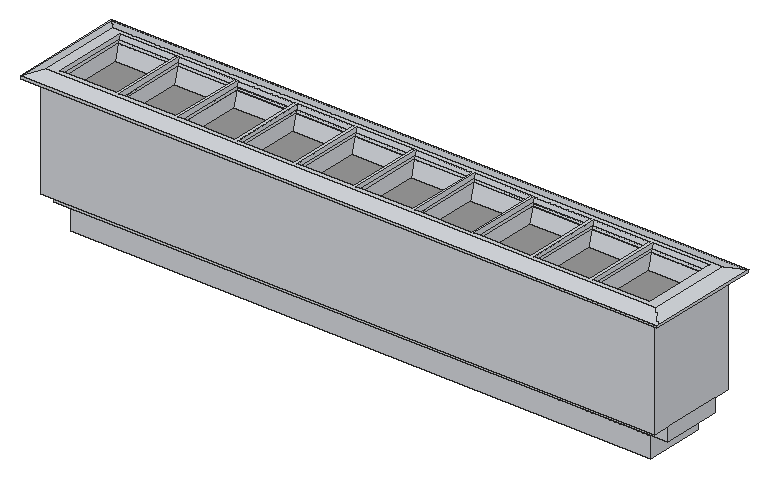
Revit family "2061446 Sylvania Lighting Fixture DOMINO 10xLED 930 BLACK NB TRIM WHITE DALI", category Lighting Fixtures, host Face, Revit 2018
Family settings
  Host = Face
  Round Connector Dimension = Use Diameter
  Part Type = Normal
  OmniClass Number = 23.80.70.00
  OmniClass Title = Lighting
  Cut with Voids When Loaded = No
  Light Source = Yes
  Shared = No
  Room Calculation Point = No
Parameters (values of type "2061446 DOMINO 10XLED 930 BLACK NB TR WHT DALI")
  top top width = 15.812 mm
  top top length = 255 mm
  Width = 50 mm
  Weight = "n/a"
  Wattage Comments = ""
  Wattage = 9.2903 W
  WarrantyStartDate [instance] = "n/a"
  WarrantyGuarantorParts = "n/a"
  WarrantyDurationUnit = "n/a"
  WarrantyDurationParts = ""
  WarrantyDescription = "http://www.sylvania-lighting.com"
  built-in parameter 1150110 = 1 (stored number, unit not read)
  Voltage = 0 V
  URL = "0.96"
  TypeName = "DOMINO 10xLED 930 BLACK NB TRIM WHITE DALI"
  Type Image = <None>
  Type Comments = "n/a"
  built-in parameter 1114217 = 1 (stored number, unit not read)
  Top Width = 26 mm
  Tilt Angle = 90.00°
  built-in parameter 1150109 = 1 (stored number, unit not read)
  built-in parameter 1150134 = 3
  built-in parameter 1150113 = 1 (stored number, unit not read)
  SerialNumber [instance] = "n/a"
  Recessed Width = 43 mm
  Recessed Length = 276 mm
  Photometric Web File = "2061446.ies"
  Material_3_FEILO = none
  PowerFactor = 0
  PowerConsumption = "Lighting"
  NominalLength = 50 mm
  NominalHeight = 0 mm
  NominalDepth = 0 mm
  Name = "DOMINO 10xLED 930 BLACK NB TRIM WHITE DALI"
  ModelReference = Name  # "DOMINO 10xLED 930 BLACK NB TRIM WHITE DALI"
  ModelNumber = "2061446"
  Model = Name  # "DOMINO 10xLED 930 BLACK NB TRIM WHITE DALI"
  Material = "Feilo Sylvania"
  ManufacturerName = "69 lm/W"
  Manufacturer = ""
  LuminousEfficacy = ""
  built-in parameter 1150105 = 109.82 (stored number, unit not read)
  Lumens = 1380 lm
  LuminaireType = "0"
  built-in parameter 1150115 = 1 (stored number, unit not read)
  LightOutputRatio = "LED"
  built-in parameter 1150137 = (empty or 0)
  built-in parameter 1150139 = (empty or 0)
  Lens inside recess = 25 mm
  Lens Width = 32 mm
  Lens Outside recess = 31.978 mm
  Lens = Glass, White, High Luminance
  Length = 280 mm
  LampsType = Lamp  # "n/a"
  LampNominalLuminous = "3000 K"
  LampMacAdamStep = "90"
  LampColourTemperature = "LED"
  LampColourRenderingIndex = "16500"
  built-in parameter 1150112 = 1 (stored number, unit not read)
  built-in parameter 1150114 = 1 (stored number, unit not read)
  Lamp = "n/a"
  Keynote = "n/a"
  InstallationDate [instance] = "n/a"
  InputVoltage = "0"
  InputNominalFrequency = "3000"
  built-in parameter 1150132 = (empty or 0)
  built-in parameter 1150102 = (empty or 0)
  built-in parameter 1150107 = 3200 (stored number, unit not read)
  built-in parameter 1150138 = (empty or 0)
  IngressProtection = "IfcLightFixtureType"
  ImpactProtectionIndex = "IfcLightFixtureType"
  built-in parameter 1150106 = 1.0982 (stored number, unit not read)
  IfcExportType = "IfcLightFixtureType"
  IfcExportAs = "Class II"
  Facia internal width = 37 mm
  Facia internal length = 268 mm
  Facia Height = 2 mm
  ExpectedLife = 50000
  Emit from Circle Diameter = 609.6 mm
  Emit Shape Visible in Rendering = no
  ElectricShockClassification = "69"
  built-in parameter 1150104 = 13.8 (stored number, unit not read)
  DurationUnit = "hours"
  DocumentationLiterature = "http://www.sylvania-lighting.com/product/en-int/products/2061446"
  DimmingControlOptions = "n/a"
  Material_2_FEILO = none
  Dimming Lamp Color Temperature Shift = <None>
  Description = "Modular LED recessed linear spotlight, ideal for retail and hospitality applications. Die-cast aluminium body, passive cooling. Two levels of reflector installation, low glaring UGR<16. 10x LED source, 15° beam angle , optics: PMMA lens and polycarbonate reflector combination, Black matt reflector finish. Light color temperature: 3000K warm white, total system power: 23W , total fixture lumen output: 1575lm, efficacy: 69 lm/W, Ra90 typical, LED chromacity: 3 step MacAdam ellipse (SDCM3), lifespan: 96,000 hours at 90% of the original output (L90B10), IR/UV free light source without heat radiation, operating voltage: 220-240V / 50-60Hz, electronic driver, ultra low flicker, DALI , electrical protection: Class II. Degree of Protection: IP40/IP20, suitable for indoor environment only. Ceiling cut-out: 43x43mm, outer dimensions:  280x50mm trim frame RAL 9016 - Traffic white / Bezel color.5 years Warranty."
  Default Elevation = 1219.2 mm
  CreatedOn = "11/02/2021"
  CreatedBy = "@sylvania-lighting.com"
  Cost = 0
  Color Filter = 16777215
  built-in parameter 1114216 [instance] = (empty or 0)
  ClassificationValue = "EF_70_80"
  ClassificationName = "Uniclass2015"
  Material_1_FEILO = none
  Body Width = 40 mm
  Body Length = 270 mm
  BarCode [instance] = "n/a"
  built-in parameter 1114218 = 1 (stored number, unit not read)
  built-in parameter 1150133 = 10 (stored number, unit not read)
  AssetType = "Fixed"
  AssetIdentifier [instance] = "n/a"
  Assembly Code = "D5020200"
  Apparent Load = 23 VA
  Material_4_FEILO = none
Reference planes
  plane 1 "Center (Front/Back)": y = 0
  plane 2: z = 0
  plane 3 "Center (Left/Right)": x = 0
  plane 4: z = 0
  plane 5: z = -7
  plane 6: z = -45.895
  plane 7: z = -51.895
  plane 8: z = -60.895
  plane 9: x = -138
  plane 10: x = 138
  plane 11: y = 21.5
  plane 12: y = -21.5
  plane 13: x = -140
  plane 14: x = 140
  plane 15: y = 25
  plane 16: y = -25
  plane 17: x = 134
  plane 18: x = -134
  plane 19: y = 18.5
  plane 20: y = -18.5
  plane 21: z = 2
  plane 22: x = -135
  plane 23: x = 135
  plane 24: y = 20
  plane 25: y = -20
  plane 26: y = 13
  plane 27: y = -13
  plane 28: x = 127.5
  plane 29: x = -127.5
  plane 30: x = -132
  plane 31: y = 16.5
  plane 32: y = -16.472
  plane 33: y = 13
  plane 34: y = -12.972
  plane 35: x = 129.7
  plane 36: x = 127.224
Forms (mm)
  Extrusion 1, solid, not visible, detail levels medium+fine
    sketch origin (4.2, 0, 0) x (1, 0, 0) y (0, 1, 0)
      loop
        line (-29.2, 34.5) -> (-29.2, -34.5) -> (20.8, -34.5) -> (20.8, 34.5) -> (-29.2, 34.5)
    from 0 to 1
  Extrusion 2, solid, not visible, detail levels medium+fine
    sketch origin (4.044, 0, 0) x (1, 0, 0) y (0, 1, 0)
      loop
        line (-29.2, 34.5) -> (-29.2, -34.5) -> (20.8, -34.5) -> (20.8, 34.5) -> (-29.2, 34.5)
    from 0 to 1
  Blend 3, solid, not visible, detail levels medium+fine
    base sketch origin (4.2, 0, 0) x (1, 0, 0) y (0, 1, 0)
      loop
        line (-29.2, 34.5) -> (-29.2, -34.5) -> (20.8, -34.5) -> (20.8, 34.5) -> (-29.2, 34.5)
    top sketch origin (4.2, 0, 0) x (1, 0, 0) y (0, 1, 0)
      loop
        line (-21.7, 28) -> (-21.7, -28) -> (13.3, -28) -> (13.3, 28) -> (-21.7, 28)
    from 1 to 3
  Extrusion 4, solid, not visible, detail levels medium+fine
    sketch origin (3.419, 0, 0) x (1, 0, 0) y (0, 1, 0)
      loop
        line (-29.2, 34.5) -> (-29.2, -34.5) -> (20.8, -34.5) -> (20.8, 34.5) -> (-29.2, 34.5)
    from 0 to 1
  Blend 5, solid, not visible, detail levels medium+fine
    base sketch origin (3.575, 0, 0) x (1, 0, 0) y (0, 1, 0)
      loop
        line (-29.2, 34.5) -> (-29.2, -34.5) -> (20.8, -34.5) -> (20.8, 34.5) -> (-29.2, 34.5)
    top sketch origin (3.575, 0, 0) x (1, 0, 0) y (0, 1, 0)
      loop
        line (-21.7, 28) -> (-21.7, -28) -> (13.3, -28) -> (13.3, 28) -> (-21.7, 28)
    from 1 to 3
  Extrusion 6, solid, not visible, detail levels medium+fine
    sketch origin (4.247, 0, 0) x (1, 0, 0) y (0, 1, 0)
      loop
        line (-29.2, 34.5) -> (-29.2, -34.5) -> (20.8, -34.5) -> (20.8, 34.5) -> (-29.2, 34.5)
    from 0 to 1
  Blend 7, solid, not visible, detail levels medium+fine
    base sketch origin (4.403, 0, 0) x (1, 0, 0) y (0, 1, 0)
      loop
        line (-29.2, 34.5) -> (-29.2, -34.5) -> (20.8, -34.5) -> (20.8, 34.5) -> (-29.2, 34.5)
    top sketch origin (4.403, 0, 0) x (1, 0, 0) y (0, 1, 0)
      loop
        line (-21.7, 28) -> (-21.7, -28) -> (13.3, -28) -> (13.3, 28) -> (-21.7, 28)
    from 1 to 3
  Extrusion 8, void, detail levels medium+fine
    sketch origin (4.2, 0, 0) x (0, 1, 0) y (1, 0, 0)
      loop
        line (21.5, -142.2) -> (21.5, 133.8) -> (-21.5, 133.8) -> (-21.5, -142.2) -> (21.5, -142.2)
    from -9.934 to 83.097
  Extrusion 9, solid, detail levels medium+fine
    sketch origin (4.2, 0, 0) x (1, 0, 0) y (0, 1, 0)
      loop
        line (-144.2, 25) -> (-144.2, -25) -> (135.8, -25) -> (135.8, 25) -> (-144.2, 25)
    from 0 to 1
  Extrusion 10, solid, detail levels medium+fine
    sketch origin (4.2, 0, 0) x (1, 0, 0) y (0, 1, 0)
      loop
        line (-139.2, 20) -> (-139.2, -20) -> (130.8, -20) -> (130.8, 20) -> (-139.2, 20)
    from 0 to -45.895
  Extrusion 11, solid, detail levels medium+fine
    sketch origin (4.2, 0, 0) x (1, 0, 0) y (0, 1, 0)
      loop
        line (-139.2, 13) -> (-139.2, -13) -> (130.8, -13) -> (130.8, 13) -> (-139.2, 13)
    from -51.895 to -45.895
  Extrusion 12, solid, material "Glass, White, High Luminance" <- "Lens", detail levels fine
    sketch origin (-53.155, 1221.106, 36.156) x (1, 0, 0) y (0, 1, 0)
      loop
        line (-76.18, -1206.856) -> (-76.18, -1232.856) -> (-52.18, -1232.856) -> (-52.18, -1206.856) -> (-76.18, -1206.856)
    from -43.156 to -42.182
  Blend 13, solid, detail levels medium+fine
    base sketch origin (4.2, 0, 0) x (1, 0, 0) y (0, 1, 0)
      loop
        line (-144.2, 25) -> (-144.2, -25) -> (135.8, -25) -> (135.8, 25) -> (-144.2, 25)
    top sketch origin (4.2, 0, 0) x (1, 0, 0) y (0, 1, 0)
      loop
        line (-138.2, 18.5) -> (-138.2, -18.5) -> (129.8, -18.5) -> (129.8, 18.5) -> (-138.2, 18.5)
    from 1 to 3
  Extrusion 14, solid, detail levels fine
    sketch origin (0, 0, 0) x (1, 0, 0) y (0, 0, 1)
      loop
        line (-127.5, -51.895) -> (-127.5, -60.895) -> (127.5, -60.895) -> (127.5, -51.895) -> (-127.5, -51.895)
    from -13 to 13
  Blend 15, void
    base sketch origin (-59.8, 0, 0) x (0, 1, 0) y (-1, 0, 0)
      loop
        line (16.5, 69.7) -> (-16.472, 69.7) -> (-16.472, 44.7) -> (16.5, 44.7) -> (16.5, 69.7)
    top sketch origin (-59.8, 0, 0) x (0, 1, 0) y (-1, 0, 0)
      loop
        line (13, 69.2) -> (-12.972, 69.2) -> (-12.972, 45.2) -> (13, 45.2) -> (13, 69.2)
    from 3 to -7
  Blend 16, void
    base sketch origin (18.282, 0, 0) x (0, 1, 0) y (-1, 0, 0)
      loop
        line (16.5, 69.7) -> (-16.472, 69.7) -> (-16.472, 44.7) -> (16.5, 44.7) -> (16.5, 69.7)
    top sketch origin (18.282, 0, 0) x (0, 1, 0) y (-1, 0, 0)
      loop
        line (13, 69.2) -> (-12.972, 69.2) -> (-12.972, 45.2) -> (13, 45.2) -> (13, 69.2)
    from 3 to -7
  Blend 17, void
    base sketch origin (44.284, -0.017, 0) x (0, 1, 0) y (-1, 0, 0)
      loop
        line (16.5, 69.7) -> (-16.472, 69.7) -> (-16.472, 44.7) -> (16.5, 44.7) -> (16.5, 69.7)
    top sketch origin (44.284, -0.017, 0) x (0, 1, 0) y (-1, 0, 0)
      loop
        line (13, 69.2) -> (-12.972, 69.2) -> (-12.972, 45.2) -> (13, 45.2) -> (13, 69.2)
    from 3 to -7
  Blend 18, void
    base sketch origin (70.327, 0, 0) x (0, 1, 0) y (-1, 0, 0)
      loop
        line (16.5, 69.7) -> (-16.472, 69.7) -> (-16.472, 44.7) -> (16.5, 44.7) -> (16.5, 69.7)
    top sketch origin (70.327, 0, 0) x (0, 1, 0) y (-1, 0, 0)
      loop
        line (13, 69.2) -> (-12.972, 69.2) -> (-12.972, 45.2) -> (13, 45.2) -> (13, 69.2)
    from 3 to -7
  Blend 19, void
    base sketch origin (96.351, 0, 0) x (0, 1, 0) y (-1, 0, 0)
      loop
        line (16.5, 69.7) -> (-16.472, 69.7) -> (-16.472, 44.7) -> (16.5, 44.7) -> (16.5, 69.7)
    top sketch origin (96.351, 0, 0) x (0, 1, 0) y (-1, 0, 0)
      loop
        line (13, 69.2) -> (-12.972, 69.2) -> (-12.972, 45.2) -> (13, 45.2) -> (13, 69.2)
    from 3 to -7
  Extrusion 20, solid, material "Glass, White, High Luminance" <- "Lens", detail levels fine
    sketch origin (-29.269, 1219.946, 36.156) x (1, 0, 0) y (0, 1, 0)
      loop
        line (-73.723, -1206.946) -> (-73.723, -1232.946) -> (-49.723, -1232.946) -> (-49.723, -1206.946) -> (-73.723, -1206.946)
    from -43.156 to -42.182
  Extrusion 21, solid, material "Glass, White, High Luminance" <- "Lens", detail levels fine
    sketch origin (-0.613, 1219.733, 36.156) x (1, 0, 0) y (0, 1, 0)
      loop
        line (-76.347, -1206.7) -> (-76.347, -1232.733) -> (-52.347, -1232.733) -> (-52.347, -1206.7) -> (-76.347, -1206.7)
    from -43.156 to -42.182
  Extrusion 22, solid, material "Glass, White, High Luminance" <- "Lens", detail levels fine
    sketch origin (24.387, 1218.509, 36.156) x (1, 0, 0) y (0, 1, 0)
      loop
        line (-75.305, -1205.509) -> (-75.305, -1231.509) -> (-51.305, -1231.509) -> (-51.305, -1205.509) -> (-75.305, -1205.509)
    from -43.156 to -42.182
  Extrusion 23, solid, material "Glass, White, High Luminance" <- "Lens", detail levels fine
    sketch origin (51.187, 1219.547, 36.156) x (1, 0, 0) y (0, 1, 0)
      loop
        line (-76.102, -1206.547) -> (-76.102, -1232.547) -> (-52.102, -1232.547) -> (-52.102, -1206.547) -> (-76.102, -1206.547)
    from -43.156 to -42.182
  Blend 24, void
    base sketch origin (-33.792, 0, 0) x (0, 1, 0) y (-1, 0, 0)
      loop
        line (16.5, 69.7) -> (-16.472, 69.7) -> (-16.472, 44.7) -> (16.5, 44.7) -> (16.5, 69.7)
    top sketch origin (-33.792, 0, 0) x (0, 1, 0) y (-1, 0, 0)
      loop
        line (13, 69.2) -> (-12.972, 69.2) -> (-12.972, 45.2) -> (13, 45.2) -> (13, 69.2)
    from 3 to -7
  Blend 25, void
    base sketch origin (-7.76, 0, 0) x (0, 1, 0) y (-1, 0, 0)
      loop
        line (16.5, 69.7) -> (-16.472, 69.7) -> (-16.472, 44.7) -> (16.5, 44.7) -> (16.5, 69.7)
    top sketch origin (-7.76, 0, 0) x (0, 1, 0) y (-1, 0, 0)
      loop
        line (13, 69.2) -> (-12.972, 69.2) -> (-12.972, 45.2) -> (13, 45.2) -> (13, 69.2)
    from 3 to -7
  Blend 26, void
    base sketch origin (122.411, 0, 0) x (0, 1, 0) y (-1, 0, 0)
      loop
        line (16.5, 69.7) -> (-16.472, 69.7) -> (-16.472, 44.7) -> (16.5, 44.7) -> (16.5, 69.7)
    top sketch origin (122.411, 0, 0) x (0, 1, 0) y (-1, 0, 0)
      loop
        line (13, 69.2) -> (-12.972, 69.2) -> (-12.972, 45.2) -> (13, 45.2) -> (13, 69.2)
    from 3 to -7
  Extrusion 27, solid, material "Glass, White, High Luminance" <- "Lens", detail levels fine
    sketch origin (77.265, 1219.547, 36.156) x (1, 0, 0) y (0, 1, 0)
      loop
        line (-76.102, -1206.547) -> (-76.102, -1232.547) -> (-52.102, -1232.547) -> (-52.102, -1206.547) -> (-76.102, -1206.547)
    from -43.156 to -42.182
  Extrusion 28, solid, material "Glass, White, High Luminance" <- "Lens", detail levels fine
    sketch origin (100.753, 1219.547, 36.156) x (1, 0, 0) y (0, 1, 0)
      loop
        line (-76.102, -1206.547) -> (-76.102, -1232.547) -> (-52.102, -1232.547) -> (-52.102, -1206.547) -> (-76.102, -1206.547)
    from -43.156 to -42.182
  Extrusion 29, solid, material "Glass, White, High Luminance" <- "Lens", detail levels fine
    sketch origin (129.314, 1219.547, 36.156) x (1, 0, 0) y (0, 1, 0)
      loop
        line (-76.102, -1206.547) -> (-76.102, -1232.547) -> (-52.102, -1232.547) -> (-52.102, -1206.547) -> (-76.102, -1206.547)
    from -43.156 to -42.182
  Blend 30, void
    base sketch origin (148.416, 0, 0) x (0, 1, 0) y (-1, 0, 0)
      loop
        line (16.5, 69.7) -> (-16.472, 69.7) -> (-16.472, 44.7) -> (16.5, 44.7) -> (16.5, 69.7)
    top sketch origin (148.416, 0, 0) x (0, 1, 0) y (-1, 0, 0)
      loop
        line (13, 69.2) -> (-12.972, 69.2) -> (-12.972, 45.2) -> (13, 45.2) -> (13, 69.2)
    from 3 to -7
  Extrusion 31, solid, material "Glass, White, High Luminance" <- "Lens", detail levels fine
    sketch origin (155.278, 1219.547, 36.156) x (1, 0, 0) y (0, 1, 0)
      loop
        line (-76.102, -1206.547) -> (-76.102, -1232.547) -> (-52.102, -1232.547) -> (-52.102, -1206.547) -> (-76.102, -1206.547)
    from -43.156 to -42.182
  Blend 32, void
    base sketch origin (174.42, 0, 0) x (0, 1, 0) y (-1, 0, 0)
      loop
        line (16.5, 69.7) -> (-16.472, 69.7) -> (-16.472, 44.7) -> (16.5, 44.7) -> (16.5, 69.7)
    top sketch origin (174.42, 0, 0) x (0, 1, 0) y (-1, 0, 0)
      loop
        line (13, 69.2) -> (-12.972, 69.2) -> (-12.972, 45.2) -> (13, 45.2) -> (13, 69.2)
    from 3 to -7
  Extrusion 33, solid, material "Glass, White, High Luminance" <- "Lens", detail levels fine
    sketch origin (181.434, 1219.547, 36.156) x (1, 0, 0) y (0, 1, 0)
      loop
        line (-76.214, -1206.547) -> (-76.214, -1232.547) -> (-52.214, -1232.547) -> (-52.214, -1206.547) -> (-76.214, -1206.547)
    from -43.156 to -42.182
  Extrusion 34, solid, detail levels coarse
    sketch origin (4.2, 0, 0) x (1, 0, 0) y (0, 1, 0)
      loop
        line (-144.2, 25) -> (-144.2, -25) -> (135.8, -25) -> (135.8, 25) -> (-144.2, 25)
    from -60.895 to 3
Cuts and joins
  Blend 15, Blend 16, Blend 17, Blend 18, Blend 19, Blend 24, Blend 25, Blend 26, Blend 30, Blend 32 cuts Extrusion 9
  Blend 15, Blend 16, Blend 17, Blend 18, Blend 19, Blend 24, Blend 25, Blend 26, Blend 30, Blend 32 cuts Extrusion 10
  Blend 15, Blend 16, Blend 17, Blend 18, Blend 19, Blend 24, Blend 25, Blend 26, Blend 30, Blend 32 cuts Blend 13
  Blend 32 cuts Extrusion 31
Dimensions and locks
  "Recessed Length": plane 9 to plane 10
  equal spacing: plane 9, plane 3 "Center (Left/Right)", plane 10
  "Length": plane 13 to plane 14
  equal spacing: plane 13, plane 3 "Center (Left/Right)", plane 14
  "Recessed Width": plane 11 to plane 12
  equal spacing: plane 11, plane 1 "Center (Front/Back)", plane 12
  "Width": plane 15 to plane 16
  equal spacing: plane 15, plane 1 "Center (Front/Back)", plane 16
  "Facia internal length": plane 18 to plane 17
  equal spacing: plane 18, plane 3 "Center (Left/Right)", plane 17
  "Facia internal width": plane 19 to plane 20
  equal spacing: plane 19, plane 1 "Center (Front/Back)", plane 20
  "Facia Height": plane 21 to host face
  "Body Length": plane 22 to plane 23
  equal spacing: plane 22, plane 3 "Center (Left/Right)", plane 23
  "Body Width": plane 24 to plane 25
  equal spacing: plane 24, plane 1 "Center (Front/Back)", plane 25
  "Top Width": plane 26 to plane 27
  equal spacing: plane 26, plane 1 "Center (Front/Back)", plane 27
  "top top length": plane 29 to plane 28
  equal spacing: plane 29, plane 3 "Center (Left/Right)", plane 28  (x2)
  plane 28 to plane 29 = 255 mm
  equal spacing: plane 28, plane 3 "Center (Left/Right)", plane 29
  aligned and locked: plane 2 to host face
  aligned and locked: level to host face
  aligned and locked: Extrusion 11 to plane 7
  aligned and locked: Extrusion 10 to plane 6
  aligned and locked: Extrusion 12 to plane 5
Automatic sketch dimensions
  Extrusion 1 sketch curve to Extrusion 1 sketch curve = 50 mm
  Extrusion 1 sketch curve to Extrusion 1 sketch curve = 69 mm
  Extrusion 2 sketch curve to Extrusion 2 sketch curve = 50 mm
  Extrusion 2 sketch curve to Extrusion 2 sketch curve = 69 mm
  Blend 3 sketch curve to Blend 3 sketch curve = 50 mm
  Blend 3 sketch curve to Blend 3 sketch curve = 69 mm
  Blend 3 sketch curve to Blend 3 sketch curve = 35 mm
  Blend 3 sketch curve to Blend 3 sketch curve = 56 mm
  Extrusion 4 sketch curve to Extrusion 4 sketch curve = 50 mm
  Extrusion 4 sketch curve to Extrusion 4 sketch curve = 69 mm
  Blend 5 sketch curve to Blend 5 sketch curve = 50 mm
  Blend 5 sketch curve to Blend 5 sketch curve = 69 mm
  Blend 5 sketch curve to Blend 5 sketch curve = 35 mm
  Blend 5 sketch curve to Blend 5 sketch curve = 56 mm
  Extrusion 6 sketch curve to Extrusion 6 sketch curve = 50 mm
  Extrusion 6 sketch curve to Extrusion 6 sketch curve = 69 mm
  Blend 7 sketch curve to Blend 7 sketch curve = 50 mm
  Blend 7 sketch curve to Blend 7 sketch curve = 69 mm
  Blend 7 sketch curve to Blend 7 sketch curve = 35 mm
  Blend 7 sketch curve to Blend 7 sketch curve = 56 mm
  host sketch curve to host sketch curve = 2438.4 mm  (x2)
  Extrusion 8 sketch curve to plane 9 = 0 mm
  Extrusion 8 sketch curve to plane 12 = 0 mm
  Extrusion 8 sketch curve to plane 11 = 0 mm
  Extrusion 8 sketch curve to plane 10 = 0 mm
  Extrusion 9 sketch curve to plane 13 = 0 mm
  Extrusion 9 sketch curve to plane 14 = 0 mm
  Extrusion 9 sketch curve to plane 16 = 0 mm
  Extrusion 9 sketch curve to plane 15 = 0 mm
  Extrusion 10 sketch curve to plane 22 = 0 mm
  Extrusion 10 sketch curve to plane 23 = 0 mm
  Extrusion 10 sketch curve to plane 25 = 0 mm
  Extrusion 10 sketch curve to plane 24 = 0 mm
  Extrusion 11 sketch curve to plane 22 = 0 mm
  Extrusion 11 sketch curve to plane 23 = 0 mm
  Extrusion 11 sketch curve to plane 27 = 0 mm
  plane 26 to Extrusion 11 sketch curve = 0 mm
  plane 27 to Extrusion 12 sketch curve = 1.25 mm
  plane 26 to Extrusion 12 sketch curve = 1.25 mm
  plane 30 to Extrusion 12 sketch curve = 2.665 mm
  Blend 13 sketch curve to plane 13 = 0 mm
  Blend 13 sketch curve to plane 14 = 0 mm
  Blend 13 sketch curve to plane 16 = 0 mm
  Blend 13 sketch curve to plane 15 = 0 mm
  Blend 13 sketch curve to plane 18 = 0 mm
  Blend 13 sketch curve to plane 17 = 0 mm
  Blend 13 sketch curve to plane 20 = 0 mm
  Blend 13 sketch curve to plane 19 = 0 mm
  Extrusion 14 sketch curve to plane 8 = 0 mm
  Extrusion 14 sketch curve to plane 29 = 0 mm
  Extrusion 14 sketch curve to plane 28 = 0 mm
  Extrusion 14 sketch curve to plane 7 = 0 mm
  plane 30 to Blend 15 sketch curve = 2.5 mm
  Blend 15 sketch curve to plane 32 = 0 mm
  Blend 15 sketch curve to plane 31 = 0 mm
  Blend 15 sketch curve to plane 34 = 0 mm
  Blend 15 sketch curve to plane 26 = 0 mm
  plane 30 to Blend 15 sketch curve = 3 mm
  Blend 16 sketch curve to plane 32 = 0 mm
  Blend 16 sketch curve to plane 31 = 0 mm
  Blend 16 sketch curve to plane 34 = 0 mm
  Blend 16 sketch curve to plane 26 = 0 mm
  Blend 17 sketch curve to plane 32 = 0.017 mm
  Blend 17 sketch curve to plane 31 = 0.017 mm
  plane 27 to Blend 17 sketch curve = 0.011 mm
  Blend 17 sketch curve to plane 26 = 0.017 mm
  plane 32 to Blend 18 sketch curve = 0 mm
  plane 31 to Blend 18 sketch curve = 0 mm
  plane 34 to Blend 18 sketch curve = 0 mm
  plane 26 to Blend 18 sketch curve = 0 mm
  Blend 19 sketch curve to plane 32 = 0 mm
  Blend 19 sketch curve to plane 31 = 0 mm
  Blend 19 sketch curve to plane 34 = 0 mm
  Blend 19 sketch curve to plane 26 = 0 mm
  Extrusion 20 sketch curve to plane 27 = 0 mm
  Extrusion 20 sketch curve to plane 26 = 0 mm
  Extrusion 21 sketch curve to plane 27 = 0 mm
  plane 26 to Extrusion 21 sketch curve = 0.033 mm
  Extrusion 22 sketch curve to plane 27 = 0 mm
  Extrusion 22 sketch curve to plane 26 = 0 mm
  Extrusion 23 sketch curve to plane 27 = 0 mm
  Extrusion 23 sketch curve to plane 26 = 0 mm
  Blend 24 sketch curve to plane 32 = 0 mm
  Blend 24 sketch curve to plane 31 = 0 mm
  Blend 24 sketch curve to plane 34 = 0 mm
  Blend 24 sketch curve to plane 26 = 0 mm
  Blend 25 sketch curve to plane 32 = 0 mm
  Blend 25 sketch curve to plane 31 = 0 mm
  Blend 25 sketch curve to plane 34 = 0 mm
  Blend 25 sketch curve to plane 26 = 0 mm
  Blend 26 sketch curve to plane 32 = 0 mm
  Blend 26 sketch curve to plane 31 = 0 mm
  Blend 26 sketch curve to plane 34 = 0 mm
  Blend 26 sketch curve to plane 26 = 0 mm
  Extrusion 27 sketch curve to plane 27 = 0 mm
  Extrusion 27 sketch curve to plane 26 = 0 mm
  Extrusion 28 sketch curve to plane 27 = 0 mm
  Extrusion 28 sketch curve to plane 26 = 0 mm
  Extrusion 29 sketch curve to plane 27 = 0 mm
  Extrusion 29 sketch curve to plane 26 = 0 mm
  Blend 30 sketch curve to plane 32 = 0 mm
  Blend 30 sketch curve to plane 31 = 0 mm
  Blend 30 sketch curve to plane 34 = 0 mm
  Blend 30 sketch curve to plane 26 = 0 mm
  Extrusion 31 sketch curve to plane 27 = 0 mm
  Extrusion 31 sketch curve to plane 26 = 0 mm
  Blend 32 sketch curve to plane 32 = 0 mm
  Blend 32 sketch curve to plane 31 = 0 mm
  plane 28 to Blend 32 sketch curve = 2.22 mm
  Blend 32 sketch curve to plane 34 = 0 mm
  Blend 32 sketch curve to plane 26 = 0 mm
  plane 28 to Blend 32 sketch curve = 1.72 mm
  plane 27 to Extrusion 33 sketch curve = 0 mm
  plane 26 to Extrusion 33 sketch curve = 0 mm
  plane 28 to Extrusion 33 sketch curve = 1.72 mm
  Extrusion 21 sketch curve to Extrusion 21 sketch curve = 24 mm
  Blend 25 sketch curve to Blend 25 sketch curve = 24 mm
  plane 29 to Extrusion 12 sketch curve = 22.165 mm
  plane 29 to Blend 15 sketch curve = 23 mm
  plane 29 to Blend 15 sketch curve = 22.5 mm
  plane 29 to Extrusion 20 sketch curve = 24.508 mm
  Extrusion 20 sketch curve to Extrusion 20 sketch curve = 24 mm
  plane 29 to Blend 24 sketch curve = 49.008 mm
  plane 29 to Blend 24 sketch curve = 24.008 mm
  plane 29 to Blend 24 sketch curve = 48.508 mm
  Blend 24 sketch curve to Blend 24 sketch curve = 24 mm
  Blend 25 sketch curve to Blend 25 sketch curve = 25 mm
  Blend 16 sketch curve to Blend 16 sketch curve = 25 mm
  Blend 16 sketch curve to Blend 16 sketch curve = 24 mm
  plane 29 to Extrusion 21 sketch curve = 50.54 mm
  Extrusion 22 sketch curve to Extrusion 22 sketch curve = 24 mm
  Blend 16 sketch curve to plane 3 "Center (Left/Right)" = 26.418 mm
  Blend 16 sketch curve to plane 3 "Center (Left/Right)" = 26.918 mm
  Blend 17 sketch curve to plane 3 "Center (Left/Right)" = 0.416 mm
  Blend 17 sketch curve to Blend 17 sketch curve = 25 mm
  Blend 17 sketch curve to plane 3 "Center (Left/Right)" = 0.916 mm
  Blend 17 sketch curve to Blend 17 sketch curve = 24 mm
  plane 3 "Center (Left/Right)" to Blend 18 sketch curve = 0.627 mm
  plane 3 "Center (Left/Right)" to Blend 18 sketch curve = 1.127 mm
  Extrusion 22 sketch curve to plane 3 "Center (Left/Right)" = 50.918 mm
  Extrusion 23 sketch curve to plane 3 "Center (Left/Right)" = 24.916 mm
  Extrusion 23 sketch curve to plane 3 "Center (Left/Right)" = 0.916 mm
  Blend 25 sketch curve to plane 3 "Center (Left/Right)" = 52.46 mm
  Blend 25 sketch curve to plane 3 "Center (Left/Right)" = 52.96 mm
  plane 3 "Center (Left/Right)" to Extrusion 27 sketch curve = 1.162 mm
  Blend 18 sketch curve to Blend 18 sketch curve = 25 mm
  Blend 18 sketch curve to Blend 18 sketch curve = 24 mm
  plane 3 "Center (Left/Right)" to Blend 19 sketch curve = 51.651 mm
  Blend 19 sketch curve to Blend 19 sketch curve = 25 mm
  plane 3 "Center (Left/Right)" to Blend 19 sketch curve = 51.151 mm
  Blend 19 sketch curve to Blend 19 sketch curve = 24 mm
  Blend 26 sketch curve to plane 36 = 49.513 mm
  Blend 26 sketch curve to Blend 26 sketch curve = 25 mm
  Blend 26 sketch curve to plane 36 = 50.013 mm
  Blend 26 sketch curve to Blend 26 sketch curve = 24 mm
  Extrusion 27 sketch curve to Extrusion 27 sketch curve = 24 mm
  plane 3 "Center (Left/Right)" to Extrusion 28 sketch curve = 24.651 mm
  Extrusion 28 sketch curve to Extrusion 28 sketch curve = 24 mm
  plane 3 "Center (Left/Right)" to Extrusion 29 sketch curve = 53.211 mm
  Extrusion 29 sketch curve to Extrusion 29 sketch curve = 24 mm
  Blend 30 sketch curve to plane 36 = 23.508 mm
  Blend 30 sketch curve to Blend 30 sketch curve = 25 mm
  Blend 30 sketch curve to plane 36 = 24.008 mm
  Blend 30 sketch curve to Blend 30 sketch curve = 24 mm
  Extrusion 31 sketch curve to plane 36 = 48.048 mm
  Extrusion 31 sketch curve to Extrusion 31 sketch curve = 24 mm
  Blend 32 sketch curve to plane 36 = 22.504 mm
  Blend 32 sketch curve to plane 36 = 22.004 mm
  Extrusion 33 sketch curve to plane 36 = 22.004 mm
  Extrusion 34 sketch curve to plane 13 = 0 mm
  Extrusion 34 sketch curve to plane 14 = 0 mm
  Extrusion 34 sketch curve to plane 16 = 0 mm
  Extrusion 34 sketch curve to plane 15 = 0 mm
Connectors
  electrical at (0, 0, -60.895)
    settings: on Extrusion 14, index 1, voltage 0 V, apparent load 0 VA, apparent load phase1 0 VA, apparent load phase2 0 VA, apparent load phase3 0 VA, power factor 1, load classification "Other", number of poles 1, system type 31, power factor state 1, is connector primary yes, connector utility no, sub classification motor no, connector description ""
